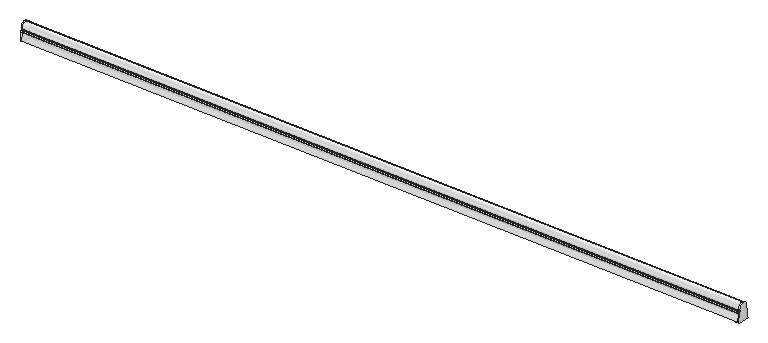
Revit family "0051050 Sylvania Lighting Fixture LED PIPE G2 L1500 HIGH OUTPUT NW", category Lighting Fixtures, host Face, Revit 2016
Family settings
  Host = Face
  Part Type = Normal
  Round Connector Dimension = Use Diameter
  OmniClass Number = 23.80.70.00
  OmniClass Title = Lighting
  Cut with Voids When Loaded = No
  Light Source = Yes
  Shared = No
  Room Calculation Point = No
Parameters (values of type "0051050 LED PIPE G2 L1500 HIGH OUTPUT NW")
  Width_SYL = 24 mm
  Weight = "6.52 kg"
  Wattage Comments = ""
  Wattage = 21 W
  WarrantyStartDate [instance] = "n/a"
  WarrantyGuarantorParts = "n/a"
  WarrantyDurationUnit = "n/a"
  WarrantyDurationParts = "n/a"
  WarrantyDescription = "n/a"
  built-in parameter 1150110 = 1 (stored number, unit not read)
  Voltage = 230 V
  URL = "http://www.sylvania-lighting.com"
  TypeName = "LED PIPE G2 L1500 HIGH OUTPUT NW"
  Type Image = <None>
  Type Comments = "n/a"
  built-in parameter 1114217 = 1 (stored number, unit not read)
  Tilt Angle = -90.00°
  built-in parameter 1150109 = 1 (stored number, unit not read)
  built-in parameter 1150134 = 12
  built-in parameter 1150113 = 1 (stored number, unit not read)
  SerialNumber [instance] = "n/a"
  RadiusTop_SYL = 9.1 mm
  RadiusSmall_SYL = 1.002 mm
  RadiusShoulder_SYL = 4.5 mm
  RadiusBottom_SYL = 1.5 mm
  Photometric Web File = "0051050.ies"
  built-in parameter 1150142 = "IESNA:LM-63-2002\r\n[TEST] 170412001G1\r\n[TESTLAB] 检测实验室\r\n[TESTDATE] 2017-04-13\r\n[ISSUEDATE] 2017-04-13 11:37:48\r\n[NEARFIELD] \r\n[LAMPPOSITION] 0,0\r\n[OTHER] EVERFINE GO-2000A_V1 SYSTEM\r\n[MANUFAC] Xiamen Yankon Energetic Lighting Co., Ltd.\r\n[LUMCAT] 170412001G1\r\n[LUMINAIRE] YKT5BG1V1-L150-4000K\r\nTILT=NONE\r\n1 2477.2 1 37 13 1 2 0.210 0.160 0.000\r\n1.000 1 21.381\r\n0.0    5.0    10.0   15.0   20.0   25.0   30.0   35.0   40.0   45.0   \r\n 50.0   55.0   60.0   65.0   70.0   75.0   80.0   85.0   90.0   95.0   \r\n 100.0  105.0  110.0  115.0  120.0  125.0  130.0  135.0  140.0  145.0  \r\n 150.0  155.0  160.0  165.0  170.0  175.0  180.0  \r\n0.0    30.0   60.0   90.0   120.0  150.0  180.0  210.0  240.0  270.0  \r\n 300.0  330.0  360.0  \r\n500.25   498.22   491.96   481.51   467.19   448.57   429.65   403.11   371.03   338.34   \r\n 302.58   264.04   224.13   180.77   137.44   94.36    53.33    18.89    1.62     1.62     \r\n 1.61     1.78     1.95     2.10     2.28     2.45     2.64     2.82     2.95     3.09     \r\n 3.23     3.35     3.44     3.50     3.58     3.62     3.64     \r\n500.54   498.11   492.43   483.64   471.73   456.47   438.43   418.83   397.73   369.72   \r\n 340.48   311.58   281.21   250.71   220.64   191.44   164.20   139.48   117.73   99.16    \r\n 83.54    70.59    59.79    50.45    42.94    36.20    30.64    25.70    21.12    17.16    \r\n 13.85    9.65     3.71     3.65     3.68     3.70     3.64     \r\n500.37   498.37   494.86   489.55   482.27   472.81   461.36   447.84   432.45   415.41   \r\n 396.57   376.87   355.75   333.90   311.70   289.24   266.73   244.36   222.51   201.16   \r\n 180.57   160.77   141.96   124.31   107.63   92.15    77.17    64.62    52.41    41.97    \r\n 32.57    24.06    17.17    10.43    3.82     3.79     3.64     \r\n499.71   497.99   495.26   491.55   486.30   479.34   470.63   460.16   447.95   434.04   \r\n 418.70   402.02   383.98   364.94   345.01   324.38   303.11   281.44   259.58   237.69   \r\n 215.96   194.48   172.95   150.35   128.31   111.18   95.06    78.45    64.70    51.35    \r\n 39.17    29.12    20.12    10.22    3.61     3.60     3.64     \r\n499.38   497.33   493.80   488.50   481.12   471.69   460.21   446.67   431.22   414.01   \r\n 395.24   375.34   354.37   332.57   310.22   287.74   265.21   242.88   221.02   199.71   \r\n 179.18   159.49   140.80   123.16   106.70   91.23    76.62    63.91    52.12    41.68    \r\n 32.32    23.82    17.02    9.91     3.76     3.69     3.64     \r\n499.87   497.55   491.93   483.10   471.17   456.07   437.91   416.97   393.82   371.71   \r\n 346.06   316.04   282.45   250.15   219.33   190.14   162.70   137.83   116.08   97.48    \r\n 82.01    69.23    58.64    49.65    42.15    35.66    29.95    25.06    20.48    16.80    \r\n 13.55    9.21     3.67     3.61     3.64     3.67     3.64     \r\n500.25   498.38   492.17   481.72   467.31   449.01   426.75   403.94   378.89   344.27   \r\n 302.58   264.25   227.77   180.78   139.78   95.18    53.20    18.41    1.64     1.62     \r\n 1.56     1.72     1.89     2.05     2.21     2.36     2.56     2.71     2.86     3.02     \r\n 3.18     3.30     3.38     3.49     3.56     3.62     3.64     \r\n500.54   499.57   495.79   488.41   477.67   463.72   446.56   426.39   403.68   381.24   \r\n 355.97   326.72   294.31   261.20   229.43   199.39   171.04   145.02   122.08   90.35    \r\n 79.38    65.53    47.27    38.73    31.36    24.90    18.78    15.83    13.26    11.17    \r\n 9.01     7.46     4.04     3.46     3.55     3.63     3.64     \r\n500.37   501.01   500.22   497.13   491.43   483.37   472.90   460.23   445.28   428.37   \r\n 409.73   389.67   368.37   346.26   323.37   300.19   276.75   253.46   230.51   191.85   \r\n 176.79   157.75   138.23   121.18   95.64    68.34    53.60    43.93    37.39    27.71    \r\n 20.91    14.61    10.85    7.63     3.58     3.64     3.64     \r\n499.71   500.70   500.80   499.20   495.75   490.18   482.51   472.72   460.89   447.13   \r\n 431.84   415.00   396.67   377.24   356.77   335.40   313.37   290.93   268.08   245.24   \r\n 222.40   199.81   177.68   156.25   135.70   116.16   97.82    80.71    65.05    50.86    \r\n 37.94    27.63    18.47    8.87     3.55     3.57     3.64     \r\n499.38   500.15   499.25   496.00   490.16   482.07   471.44   458.66   443.62   426.64   \r\n 407.83   387.75   366.37   344.12   321.19   297.99   274.59   251.37   228.55   206.13   \r\n 184.45   160.37   132.06   116.98   89.98    69.03    54.21    44.29    36.05    27.30    \r\n 20.24    14.30    10.64    7.21     3.61     3.61     3.64     \r\n499.87   498.93   495.00   487.46   476.76   462.56   445.10   426.96   404.88   376.53   \r\n 348.30   318.73   287.86   256.73   225.70   195.82   167.55   141.88   119.12   94.05    \r\n 77.81    63.91    48.67    37.52    29.72    23.47    18.74    15.14    12.71    10.85    \r\n 8.96     7.08     3.90     3.53     3.57     3.63     3.64     \r\n500.25   498.22   491.96   481.51   467.19   448.57   429.65   403.11   371.03   338.34   \r\n 302.58   264.04   224.13   180.77   137.44   94.36    53.33    18.89    1.62     1.62     \r\n 1.61     1.78     1.95     2.10     2.28     2.45     2.64     2.82     2.95     3.09     \r\n 3.23     3.35     3.44     3.50     3.58     3.62     3.64     \r\n"
  Material_3_FEILO = none
  PowerFactor = 0.9
  PowerConsumption = "21 W"
  NominalLength = 1500 mm
  NominalHeight = 35 mm
  NominalDepth = 24 mm
  Name = "LED PIPE G2 L1500 HIGH OUTPUT NW"
  ModelReference = Name  # "LED PIPE G2 L1500 HIGH OUTPUT NW"
  ModelNumber = "0051050"
  Model = Name  # "LED PIPE G2 L1500 HIGH OUTPUT NW"
  Material = "pc housing, pc diffuser"
  ManufacturerName = "Feilo Sylvania"
  Manufacturer = "Feilo Sylvania"
  LuminousEfficacy = "120 lm/W"
  built-in parameter 1150105 = 509.67 (stored number, unit not read)
  Lumens = 2520 lm
  LuminaireType = ""
  built-in parameter 1150115 = 1 (stored number, unit not read)
  LightOutputRatio = "n/a"
  built-in parameter 1150137 = (empty or 0)
  built-in parameter 1150139 = (empty or 0)
  Length_SYL = 1500 mm
  LampsType = Lamp  # "LED"
  LampNominalLuminous = "2500 lm"
  LampMacAdamStep = "6"
  LampColourTemperature = "4000 K"
  LampColourRenderingIndex = "80"
  built-in parameter 1150112 = 1 (stored number, unit not read)
  built-in parameter 1150114 = 1 (stored number, unit not read)
  Lamp = "LED"
  Keynote = "16500"
  InstallationDate [instance] = "n/a"
  InputVoltage = "220-240V~"
  InputNominalFrequency = "50/60 Hz"
  built-in parameter 1150132 = (empty or 0)
  built-in parameter 1150102 = (empty or 0)
  built-in parameter 1150107 = 4000 (stored number, unit not read)
  built-in parameter 1150138 = (empty or 0)
  IngressProtection = "IP20"
  ImpactProtectionIndex = "IK02"
  built-in parameter 1150106 = 5.0967 (stored number, unit not read)
  IfcExportType = "IfcLightFixtureType"
  IfcExportAs = "IfcLightFixtureType"
  Height_SYL = 35 mm
  ExpectedLife = 50000
  built-in parameter 1150127 = 10 mm
  Emit from Rectangle Length = Length_SYL - 6 mm  # 1494 mm
  Emit Shape Visible in Rendering = no
  ElectricShockClassification = "Class II"
  built-in parameter 1150104 = 11.148 (stored number, unit not read)
  DurationUnit = "hours"
  DocumentationLiterature = "http://www.sylvania-lighting.com/product/en-int/products/0051050"
  DimmingControlOptions = "n/a"
  Material_2_FEILO = LED-Sylvania-ledpipe
  Dimming Lamp Color Temperature Shift = <None>
  Description = "LED T5 replacement batten, high output range: more lumens per meter with efficiency up to 125 lum/watt, seamless linking (up to 10M), Ideal for direct lighting such as under cabinet or in kitchens, 150 degree beam angle, includes switch, includes 0.30m stripped cable, white polycarbonate body, includes standard and tilting brackets"
  Default Elevation = 1219.2 mm
  CreatedOn = "6/11/2018"
  CreatedBy = "aron.fodor@sylvania-lighting.com"
  Cost = 0
  Color Filter = 16777215
  built-in parameter 1114216 [instance] = (empty or 0)
  ClassificationValue = "EF_70_80"
  ClassificationName = "Uniclass2015"
  Material_1_FEILO = Body-Sylvania-ledpipe
  BarCode [instance] = "n/a"
  built-in parameter 1114218 = 1 (stored number, unit not read)
  Emit from Rectangle Width = 3048 mm
  AssetType = "Fixed"
  AssetIdentifier [instance] = "n/a"
  Assembly Code = "D5020200"
  Apparent Load = 21 VA
  Material_4_FEILO = none
Reference planes
  plane 1 "Center (Front/Back)": y = 0
  plane 2: z = 0
  plane 3 "Center (Left/Right)": x = 0
  plane 4: y = 12
  plane 5: y = -12
  plane 6: z = 35
  plane 7: z = 25.8
  plane 8: y = -10
  plane 9: z = 18.8
  plane 10: z = 21
  plane 11: x = 750
  plane 12: x = -750
  plane 13: x = 747
  plane 14: x = -747
Forms (mm)
  Extrusion 1, solid, material "Body-Sylvania-ledpipe" <- "Material_1_FEILO"
    sketch origin (0, 0, 0) x (0, 1, 0) y (0, 0, 1)
      loop
        arc (-11.824, 1.659) -> (-11.447, 0.497) -> (-10.332, 0) r 1.5
        line (-10.332, 0) -> (10.332, 0)
        arc (10.332, 0) -> (11.447, 0.497) -> (11.824, 1.659) r 1.5
        line (11.824, 1.659) -> (10.168, 17.219)
        arc (10.168, 17.219) -> (9.754, 18.682) -> (8.875, 19.925) r 4.5
        line (8.875, 19.925) -> (8.294, 20.506)
        arc (8.294, 20.506) -> (8.012, 21.058) -> (8.109, 21.67) r 1.002
        arc (8.109, 21.67) -> (7.759, 30.556) -> (0, 34.9) r 9.1
        arc (0, 34.9) -> (-7.759, 30.556) -> (-8.109, 21.67) r 9.1
        arc (-8.109, 21.67) -> (-8.012, 21.058) -> (-8.294, 20.506) r 1.002
        line (-8.294, 20.506) -> (-8.875, 19.925)
        arc (-8.875, 19.925) -> (-9.754, 18.682) -> (-10.168, 17.219) r 4.5
        line (-10.168, 17.219) -> (-11.824, 1.659)
    from -747 to 747
  Extrusion 2, solid, material "Body-Sylvania-ledpipe" <- "Material_1_FEILO"
    sketch origin (747, -4572, 2609.058) x (0, 0, 1) y (0, -1, 0)
      loop
        arc (-2587.388, -4580.109) -> (-2578.502, -4579.759) -> (-2574.158, -4572) r 9.1
        arc (-2574.158, -4572) -> (-2578.502, -4564.241) -> (-2587.388, -4563.891) r 9.1
        arc (-2587.388, -4563.891) -> (-2588, -4563.988) -> (-2588.552, -4563.706) r 1.002
        line (-2588.552, -4563.706) -> (-2589.134, -4563.125)
        arc (-2589.134, -4563.125) -> (-2590.376, -4562.246) -> (-2591.84, -4561.832) r 4.5
        line (-2591.84, -4561.832) -> (-2607.399, -4560.176)
        arc (-2607.399, -4560.176) -> (-2608.561, -4560.553) -> (-2609.058, -4561.668) r 1.5
        line (-2609.058, -4561.668) -> (-2609.058, -4582.332)
        arc (-2609.058, -4582.332) -> (-2608.561, -4583.447) -> (-2607.399, -4583.824) r 1.5
        line (-2607.399, -4583.824) -> (-2591.84, -4582.168)
        arc (-2591.84, -4582.168) -> (-2590.376, -4581.754) -> (-2589.134, -4580.875) r 4.5
        line (-2589.134, -4580.875) -> (-2588.552, -4580.294)
        arc (-2588.552, -4580.294) -> (-2588, -4580.012) -> (-2587.388, -4580.109) r 1.002
    from 0 to 3
  Extrusion 3, solid, material "Body-Sylvania-ledpipe" <- "Material_1_FEILO"
    sketch origin (-297, -4572, 2609.058) x (0, 0, 1) y (0, -1, 0)
      loop
        arc (-2587.388, -4580.109) -> (-2578.502, -4579.759) -> (-2574.158, -4572) r 9.1
        arc (-2574.158, -4572) -> (-2578.502, -4564.241) -> (-2587.388, -4563.891) r 9.1
        arc (-2587.388, -4563.891) -> (-2588, -4563.988) -> (-2588.552, -4563.706) r 1.002
        line (-2588.552, -4563.706) -> (-2589.134, -4563.125)
        arc (-2589.134, -4563.125) -> (-2590.376, -4562.246) -> (-2591.84, -4561.832) r 4.5
        line (-2591.84, -4561.832) -> (-2607.399, -4560.176)
        arc (-2607.399, -4560.176) -> (-2608.561, -4560.553) -> (-2609.058, -4561.668) r 1.5
        line (-2609.058, -4561.668) -> (-2609.058, -4582.332)
        arc (-2609.058, -4582.332) -> (-2608.561, -4583.447) -> (-2607.399, -4583.824) r 1.5
        line (-2607.399, -4583.824) -> (-2591.84, -4582.168)
        arc (-2591.84, -4582.168) -> (-2590.376, -4581.754) -> (-2589.134, -4580.875) r 4.5
        line (-2589.134, -4580.875) -> (-2588.552, -4580.294)
        arc (-2588.552, -4580.294) -> (-2588, -4580.012) -> (-2587.388, -4580.109) r 1.002
    from -450 to -453
Lines and regions (mm)
  reference lines
    curve 1: circle (0, 0, 25.8) r 9.1 normal (1, 0, 0)
    curve 2: line (0, -12, 0) -> (0, -10, 18.8)
Dimensions and locks
  equal spacing: plane 5, plane 1 "Center (Front/Back)", plane 4
  "Width_SYL": plane 5 to plane 4
  "Height_SYL": plane 6 to plane 2
  locked: plane 6 to plane 7 at 9.2
  locked: plane 5 to plane 8 at 2
  locked: plane 7 to plane 9 at 7
  locked: plane 10 to plane 9 at 2.2
  equal spacing: plane 11, plane 3 "Center (Left/Right)", plane 12
  "Length_SYL": plane 11 to plane 12
  equal spacing: plane 13, plane 3 "Center (Left/Right)", plane 14
  locked: plane 14 to plane 12 at 3
  "RadiusTop_SYL": radius of curve 1
  "RadiusSmall_SYL": radius of Extrusion 1 sketch curve
  "RadiusShoulder_SYL": radius of Extrusion 1 sketch curve
  "RadiusTop_SYL": radius of Extrusion 1 sketch curve
  "RadiusBottom_SYL": radius of Extrusion 1 sketch curve  (x2)
  aligned and locked: plane 2 to host face
  aligned and locked: level to host face
  aligned and locked: plane 7 to curve 1
  aligned and locked: plane 1 "Center (Front/Back)" to curve 1
  aligned and locked: plane 8 to curve 2
  aligned and locked: curve 2 to Extrusion 1 sketch curve  (x2)
  aligned and locked: plane 7 to Extrusion 1 sketch curve
  aligned and locked: plane 1 "Center (Front/Back)" to Extrusion 1 sketch curve
  aligned and locked: Extrusion 1 sketch curve to level
  aligned and locked: plane 13 to Extrusion 1
  aligned and locked: Extrusion 1 to plane 14
  aligned and locked: Extrusion 2 sketch curve to Extrusion 1  (x8)
  aligned and locked: plane 11 to Extrusion 2
  aligned and locked: Extrusion 2 to Extrusion 1
  aligned and locked: Extrusion 3 sketch curve to Extrusion 2  (x8)
  aligned and locked: Extrusion 3 to Extrusion 1
  aligned and locked: Extrusion 3 to plane 12
  aligned and locked: imposter light to plane 1 "Center (Front/Back)"
  aligned and locked: plane 6 to imposter light
  aligned and locked: plane 3 "Center (Left/Right)" to imposter light
Automatic sketch dimensions
  host sketch curve to host sketch curve = 2438.4 mm  (x2)
  curve 2 to level = 0 mm
  curve 2 to plane 5 = 0 mm
  curve 2 to plane 9 = 0 mm
  Extrusion 1 sketch curve to Extrusion 1 sketch curve = 0 mm
  Extrusion 1 sketch curve to plane 5 = 0.176 mm
  plane 8 to Extrusion 1 sketch curve = 0.168 mm
  plane 10 to Extrusion 1 sketch curve = 0.215 mm  (x2)
  Extrusion 1 sketch curve to plane 8 = 0.998 mm
  Extrusion 1 sketch curve to plane 10 = 1.075 mm  (x2)
  Extrusion 1 sketch curve to plane 10 = 0.494 mm  (x2)
  Extrusion 1 sketch curve to plane 9 = 2.057 mm
  Extrusion 1 sketch curve to plane 1 "Center (Front/Back)" = 5.693 mm
  plane 4 to Extrusion 1 sketch curve = 3.706 mm
  Extrusion 1 sketch curve to Extrusion 1 sketch curve = 0.582 mm
  Extrusion 1 sketch curve to Extrusion 1 sketch curve = 0.709 mm
  Extrusion 1 sketch curve to plane 9 = 1.581 mm
  plane 4 to Extrusion 1 sketch curve = 1.668 mm
  plane 4 to Extrusion 1 sketch curve = 0.176 mm
  Extrusion 2 sketch curve to Extrusion 2 sketch curve = 0.159 mm
  Extrusion 2 sketch curve to plane 5 = 0.176 mm
  plane 8 to Extrusion 2 sketch curve = 0.168 mm
  Extrusion 2 sketch curve to plane 9 = 1.581 mm
  Extrusion 2 sketch curve to plane 10 = 0.494 mm  (x2)
  Extrusion 2 sketch curve to Extrusion 2 sketch curve = 0.127 mm
  Extrusion 2 sketch curve to Extrusion 2 sketch curve = 0.582 mm
  Extrusion 3 sketch curve to Extrusion 3 sketch curve = 0.159 mm
  Extrusion 3 sketch curve to plane 5 = 0.176 mm
  plane 8 to Extrusion 3 sketch curve = 0.168 mm
  Extrusion 3 sketch curve to plane 9 = 1.581 mm
  Extrusion 3 sketch curve to plane 10 = 0.494 mm  (x2)
  Extrusion 3 sketch curve to Extrusion 3 sketch curve = 0.127 mm
  Extrusion 3 sketch curve to Extrusion 3 sketch curve = 0.582 mm
Connectors
  electrical at (0, 0, 0), driven by "Apparent Load", driven by "PowerFactor", driven by "Voltage"
    settings: index 1, voltage 230 V, apparent load 21 VA, apparent load phase1 0 VA, apparent load phase2 0 VA, apparent load phase3 0 VA, power factor 0.9, load classification "Lighting", number of poles 1, system type 30, power factor state 1, is connector primary yes, connector utility no, sub classification motor no, connector description ""
